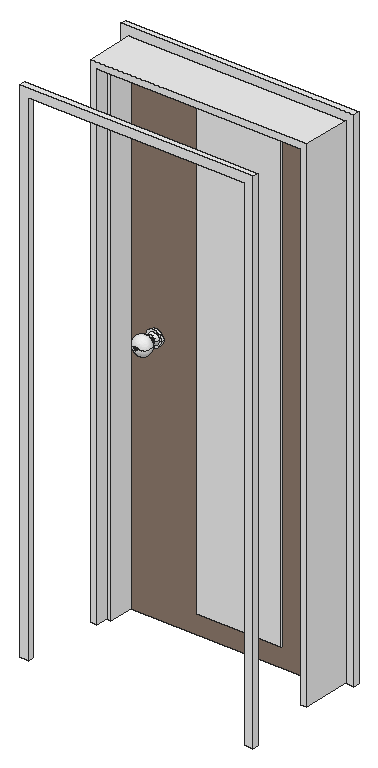
Revit family
Parameters (values of type "900x2100")
  swing_angle [instance] = 90.00°
  decoration_material = Metal_door_frame
  Panel_Material = Panel_Door_frame
  Handel_Material = Metal_door_frame
  Frame_material = Metal_door_frame
  Frame Projection Ext. = 25 mm
  Frame Projection Int. = 25 mm
  Frame Width = 35 mm
  Height = 2100 mm
  Wall Closure = (empty or 0)
  Width = 900 mm
  Door_Panel_Width = Width - 50 mm  # 850 mm
  Assembly Code = ""
Types (2, lengths in mm): name | Width | Door_Panel_Width
  1000x2100 | 1000 | 950
  900x2100 | 900 | 850
Reference planes
  plane 1: y = 0
  plane 2 "Center (Left/Right)": x = 0
  plane 3 "Left": x = -450
  plane 4 "Right": x = 450
  plane 5: z = 2100
  plane 6 "Exterior": y = 250
  plane 7 "Interior": y = -250
  plane 8 "handle": z = 1050
Forms (mm)
  Extrusion 1, solid, material "Metal_door_frame" <- "Frame_material"
    sketch origin (-3050, -250, 0) x (1, 0, 0) y (0, 0, 1)
      loop
        line (2565, 0) -> (2600, 0) -> (2600, 2100) -> (3500, 2100) -> (3500, 0) -> (3535, 0) -> (3535, 2135) -> (2565, 2135) -> (2565, 0)
    from 0 to 25
  Extrusion 2, solid, material "Metal_door_frame" <- "Frame_material"
    sketch origin (-3050, 250, 0) x (-1, 0, 0) y (0, 0, 1)
      loop
        line (-2600, 0) -> (-2565, 0) -> (-2565, 2135) -> (-3535, 2135) -> (-3535, 0) -> (-3500, 0) -> (-3500, 2100) -> (-2600, 2100) -> (-2600, 0)
    from 0 to 25
  Sweep 3, solid, material "Metal_door_frame" <- "Frame_material"
    path origin (0, 250, 0) x (1, 0, 0) y (0, 0, 1)
      loop
        line (450, 0) -> (450, 2100) -> (-450, 2100) -> (-450, 0)
    profile origin (450, 250, 1050) x (-1, 0, 0) y (0, -1, 0)
      loop
        line (45, 50) -> (45, 150) -> (25, 150) -> (25, 200) -> (0, 200) -> (0, 0) -> (25, 0) -> (25, 50) -> (45, 50)
  Extrusion 4, solid, material "Panel_Door_frame" <- "Panel_Material"
    sketch origin (0, 250, 0) x (1, 0, 0) y (0, 0, 1)
      loop
        line (425, 2075) -> (-425, 2075) -> (-425, 0) -> (425, 0) -> (425, 2075)
    from 0 to 50
  Revolve 5, solid, material "Metal_door_frame" <- "Handel_Material"
    sketch origin (0, 0, 1050) x (1, 0, 0) y (0, 1, 0)
      loop
        line (-332.708, 250) -> (-300, 250) -> (-300, 344.095) -> (-307.578, 344.095) -> (-307.578, 349.095)
        arc (-307.578, 349.095) -> (-337.578, 319.095) -> (-307.578, 289.095) r 30
        line (-307.578, 289.095) -> (-307.578, 274.095) -> (-317.578, 274.095) -> (-322.708, 260) -> (-332.708, 260) -> (-332.708, 250)
      loop
        line (-332.708, 200) -> (-332.708, 190) -> (-322.708, 190) -> (-317.578, 175.905) -> (-307.578, 175.905) -> (-307.578, 160.905)
        arc (-307.578, 160.905) -> (-337.578, 130.905) -> (-307.578, 100.905) r 30
        line (-307.578, 100.905) -> (-307.578, 105.905) -> (-300, 105.905) -> (-300, 200) -> (-332.708, 200)
      axis (-300, 349.095) -> (-300, 100.905)
    angle from 0 to 360
  Extrusion 6, solid, material "Metal_door_frame" <- "decoration_material"
    sketch origin (0, 250, 0) x (1, 0, 0) y (0, 0, 1)
      loop
        line (-125, 1995) -> (-125, 80) -> (225, 80) -> (225, 1995) -> (-125, 1995)
    from 0 to -5
  Extrusion 7, solid, material "Metal_door_frame" <- "decoration_material"
    sketch origin (0, 50, 0) x (1, 0, 0) y (0, 0, -1)
      loop
        line (-125, -1995) -> (225, -1995) -> (225, -80) -> (-125, -80) -> (-125, -1995)
    from 150 to 145
Lines and regions (mm)
  Opening 1
    outline origin (-3050, -250, 0) x (1, 0, 0) y (0, 0, 1)
      loop
        line (2600, 0) -> (3500, 0) -> (3500, 2100) -> (2600, 2100) -> (2600, 0)
  symbolic lines, style "Elevation Swing"
    curve 1: line (450, -250, 1050) -> (-775, -250, 2100)
    curve 2: line (450, -250, 1050) -> (-450, -250, 0)
    curve 3: line (-450, 250, 0) -> (450, 250, 1050)
    curve 4: line (450, 250, 1050) -> (-450, 250, 1821.429)
  symbolic lines, style "Plan Swing"
    curve 5: line (375, 1100, 0) -> (375, 250, 0)
    curve 6: line (425, 1100, 0) -> (375, 1100, 0)
    curve 7: line (425, 250, 0) -> (425, 1100, 0)
    curve 8: line (375, 250, 0) -> (425, 250, 0)
    curve 9: arc (425, 1100, 0) -> (-176.041, 851.041, 0) -> (-425, 250, 0) r 850
Text (mm)
  text "Exterior" at (-2295.016, 1099.543, 0), in view "Ref. Level"
  text "Exterior" at (0, 1615.38, 3698.081), in view "Left"
  text "Exterior" at (0, 1036.032, 3874.932), in view "Right"
Dimensions and locks
  equal spacing: plane 3 "Left", plane 2 "Center (Left/Right)", plane 4 "Right"
  "Width": plane 3 "Left" to plane 4 "Right"
  "Height": plane 5 to host wall
  equal spacing: host wall, curve 2, plane 5
  equal spacing: host wall, curve 4, plane 5
  "Frame Projection Ext.": Extrusion 2 to Extrusion 2
  "Frame Projection Int.": Extrusion 1 to Extrusion 1
  "Frame Width": plane 3 "Left" to Extrusion 1 sketch curve
  "Frame Width": plane 4 "Right" to Extrusion 1 sketch curve
  "Frame Width": Extrusion 1 sketch curve to plane 5
  "Frame Width": plane 4 "Right" to Extrusion 2 sketch curve
  "Frame Width": plane 3 "Left" to Extrusion 2 sketch curve
  "Frame Width": plane 5 to Extrusion 2 sketch curve
  locked: plane 6 "Exterior" to host wall at 0
  locked: plane 7 "Interior" to host wall
  locked: Sweep 3 sketch curve to Sweep 3 sketch curve at 200
  locked: Sweep 3 sketch curve to Sweep 3 sketch curve at 50
  locked: Sweep 3 sketch curve to Sweep 3 sketch curve at 100
  locked: curve 5 to curve 7 at 50
  "Door_Panel_Width": curve 8 to curve 6
  level to plane 5 = 2100 mm
  equal spacing: level, plane 8 "handle", plane 5
  locked: plane 3 "Left" to Revolve 5 sketch curve at 150
  locked: Extrusion 6 sketch curve to Extrusion 4 at 80
  locked: Extrusion 4 to Extrusion 6 sketch curve at 200
  locked: Extrusion 4 to Extrusion 6 sketch curve at 80
  locked: Extrusion 6 sketch curve to Extrusion 6 sketch curve at 350
  locked: Extrusion 7 sketch curve to Extrusion 7 sketch curve at 350
  locked: Extrusion 6 to Extrusion 4 at 5
  locked: Extrusion 7 to Extrusion 7 at 5
  aligned and locked: plane 3 "Left" to Opening 1 sketch curve
  aligned and locked: plane 5 to Opening 1 sketch curve  (x2)
  aligned and locked: Opening 1 sketch curve to plane 4 "Right"
  aligned and locked: Opening 1 sketch curve to level
  aligned and locked: level to Extrusion 1 sketch curve
  aligned and locked: plane 5 to Extrusion 1 sketch curve  (x2)
  aligned and locked: Extrusion 1 sketch curve to plane 4 "Right"
  aligned and locked: plane 3 "Left" to Extrusion 1 sketch curve
  aligned and locked: plane 3 "Left" to Extrusion 2 sketch curve
  aligned and locked: plane 5 to Extrusion 2 sketch curve  (x2)
  aligned and locked: level to Extrusion 2 sketch curve
  aligned and locked: plane 5 to curve 1
  aligned and locked: plane 3 "Left" to curve 2
  aligned and locked: plane 1 to host wall
  aligned and locked: Extrusion 4 to plane 6 "Exterior"
  aligned and locked: Extrusion 6 to Extrusion 4
  aligned and locked: Extrusion 7 to Extrusion 4
  aligned and locked: Extrusion 6 to Extrusion 7
  aligned and locked: Revolve 5 sketch curve to Extrusion 4
Automatic sketch dimensions
  curve 4 to plane 3 "Left" = 0 mm
  curve 3 to level = 0 mm
  curve 2 to level = 0 mm
  curve 3 to plane 3 "Left" = 0 mm
  curve 3 to plane 4 "Right" = 0 mm
  curve 2 to plane 4 "Right" = 0 mm
  Extrusion 1 sketch curve to level = 0 mm
  Extrusion 2 sketch curve to plane 4 "Right" = 0 mm
  Extrusion 2 sketch curve to level = 0 mm
  Sweep 3 sketch curve to plane 3 "Left" = 0 mm
  Sweep 3 sketch curve to plane 4 "Right" = 0 mm
  Sweep 3 sketch curve to level = 0 mm  (x2)
  Sweep 3 sketch curve to plane 5 = 0 mm
  Sweep 3 sketch curve to plane 6 "Exterior" = 0 mm
  Sweep 3 sketch curve to profile plane = 0 mm
  Sweep 3 sketch curve to Sweep 3 sketch curve = 25 mm  (x2)
  Sweep 3 sketch curve to Sweep 3 sketch curve = 20 mm
  curve 9 to host wall = 0 mm
  curve 5 to host wall = 0 mm
  curve 9 to plane 3 "Left" = 25 mm
  Extrusion 4 sketch curve to level = 0 mm
  Extrusion 4 sketch curve to plane 3 "Left" = 25 mm
  plane 4 "Right" to Extrusion 4 sketch curve = 25 mm
  plane 5 to Extrusion 4 sketch curve = 25 mm
  Extrusion 7 sketch curve to plane 2 "Center (Left/Right)" = 125 mm
  plane 5 to Extrusion 7 sketch curve = 105 mm
  level to Extrusion 7 sketch curve = 80 mm
  Revolve 5 sketch curve to host wall = 0 mm
  Revolve 5 sketch curve to plane 3 "Left" = 142.422 mm  (x2)
  host wall to Revolve 5 sketch curve = 24.095 mm
  Revolve 5 sketch curve to Revolve 5 sketch curve = 10 mm  (x5)
  Revolve 5 sketch curve to Revolve 5 sketch curve = 5.13 mm  (x2)
  Revolve 5 sketch curve to Revolve 5 sketch curve = 22.708 mm
  Revolve 5 sketch curve to Revolve 5 sketch curve = 7.578 mm
  Revolve 5 sketch curve to Revolve 5 sketch curve = 25 mm
  Revolve 5 sketch curve to Revolve 5 sketch curve = 5 mm  (x2)
  host wall to Revolve 5 sketch curve = 171.598 mm
  Revolve 5 sketch curve to Revolve 5 sketch curve = 15 mm  (x2)
  Revolve 5 sketch curve to Revolve 5 sketch curve = 14.095 mm
  host wall to Revolve 5 sketch curve = 10 mm
  Revolve 5 sketch curve to Revolve 5 sketch curve = 30 mm
  Revolve 5 sketch curve to Revolve 5 sketch curve = 164.306 mm
